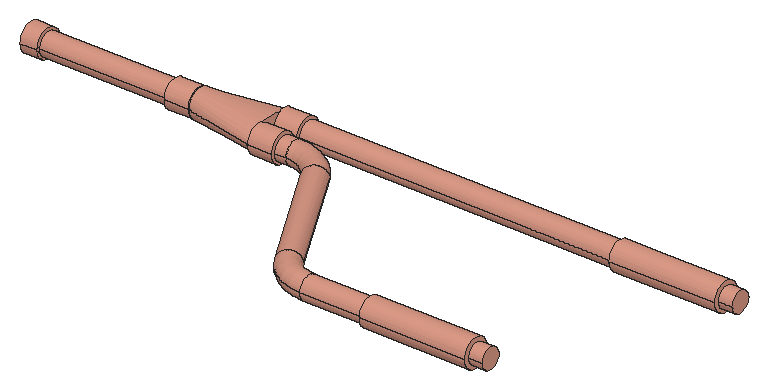
Revit family "outputfile", category 配管付属品, Revit 2024
Family settings
  丸型コネクタ寸法 = 半径を使用
  パーツ タイプ = 標準
  OmniClass 番号 = 23.65.55.00
  OmniClass タイトル = Distribution of Supplied Liquids/Gases
  作業面ベース = いいえ
  常に垂直 = はい
  ロード時にボイドで切り取り = いいえ
  共有 = いいえ
Parameters (values of type "BHRP25A22T")
  Description = ""
  製造元 = "Daikin"
  書き出し IFC クラス(タイプ) = "IfcPipeFittingType"
  定義済み IFC タイプ(タイプ) = "JUNCTION"
  Cost = 0
  Type Comments = ""
  Keynote = ""
  Type Image = (empty or 0)
  Assembly Code = ""
  mm⇔inch [instance] = yes
  l_InletPipe4 = 10.0 mm
  built-in parameter 1114242 [instance] = (empty or 0)
  Default Elevation = 0.0 mm
  モデル = "BHRP25A22T"
  table_StraightPipe [instance] = if(mm⇔inch, "Refnet Joint_BHRP25A-T_Liquid_StraightPipe", "Refnet Joint_BHRP25A-T_Liquid_StraightPipe_inch")  # "Refnet Joint_BHRP25A-T_Liquid_StraightPipe"
  table_BranchPipe [instance] = if(mm⇔inch, "Refnet Joint_BHRP25A-T_Liquid_BranchPipe", "Refnet Joint_BHRP25A-T_Liquid_BranchPipe_inch")  # "Refnet Joint_BHRP25A-T_Liquid_BranchPipe"
  table_Inlet [instance] = if(mm⇔inch, "Refnet Joint_BHRP25A-T_Liquid_Inlet", "Refnet Joint_BHRP25A-T_Liquid_Inlet_inch")  # "Refnet Joint_BHRP25A-T_Liquid_Inlet"
  switch_StraightPipe_Reducer [instance] = if(Is_StraightPipe Reducer = 1, 1 = 1, 1 = 0)  # no
  switch_StraightPipe3 [instance] = if(number_StraightPipe = 3, 1 = 1, 1 = 0)  # no
  switch_StraightPipe2 [instance] = if(number_StraightPipe < 2, 1 = 0, 1 = 1)  # yes
  switch_BranchPipe_Reducer [instance] = if(Is_BranchPipe Reducer = 1, 1 = 1, 1 = 0)  # no
  switch_BranchPipe3 [instance] = if(number_BranchPipe = 3, 1 = 1, 1 = 0)  # no
  switch_BranchPipe2 [instance] = if(number_BranchPipe < 2, 1 = 0, 1 = 1)  # yes
  switch_Inlet pipe_Reducer [instance] = if(Is_Inlet Reducer = 1, 1 = 1, 1 = 0)  # no
  switch_Inlet pipe3 [instance] = if(number_InletPipe = 3, 1 = 1, 1 = 0)  # no
  switch_Inlet pipe2 [instance] = if(number_InletPipe < 2, 1 = 0, 1 = 1)  # no
  Uniclass2015Version = "Products v1.31"
  Uniclass2015Title = "Copper pipe fittings"
  Uniclass2015Code = "Pr_65_52_63_18"
  URL = ""
  StraightPipe_Liquid_ActualDiameter [instance] = 6.4 mm
  Material_Piping = DAIKIN_Copper_Pipe
  Material_Insulation = DAIKIN_White_Insulation
  lw_Insulation [instance] = size_lookup(table_Inlet, "lw_Insulation", 26.0 mm, モデル)  # 26.0 mm
  Unit Type = "BHRP25A-T_Liquid"
  Tag No. [instance] = ""
  StraightPipe_Liquid_Status [instance] = size_lookup(table_StraightPipe, "Information", "The connected pipe size is not available.", モデル, StraightPipe_Liquid_ActualDiameter)  # "Default connector size is used."
  Link_Nested Family [instance] = ""
  Inlet_Liquid_Actual Diameter [instance] = 9.5 mm
  IfcVersion = ""
  IfcExportType = "JUNCTION"
  IfcExportAs = "IfcPipeFittingType"
  BranchPipe_Liquid_Status [instance] = size_lookup(table_BranchPipe, "Information", "The connected pipe size is not available.", モデル, BranchPipe_Liquid_ActualDiameter)  # "Default connector size is used."
  Inlet_Liquid_Status [instance] = size_lookup(table_Inlet, "Information", "The connected pipe size is not available.", モデル, Inlet_Liquid_Actual Diameter)  # "Default connector size is used."
  Series = "Refnet Joint"
  O.R_dividePipe_Inlet [instance] = (I.D_InletPipe1 + 2.0 mm) / 2  # 5.75 mm
  r_StraightPipe_Connector [instance] = StraightPipe_Liquid_ActualDiameter / 2  # 3.2 mm
  r_BranchPipe_Connector [instance] = BranchPipe_Liquid_ActualDiameter / 2  # 3.2 mm
  r_Inlet_Connector [instance] = Inlet_Liquid_Actual Diameter / 2  # 4.75 mm
  number_StraightPipe [instance] = size_lookup(table_StraightPipe, "pipeNumber", 2, モデル, StraightPipe_Liquid_ActualDiameter)  # 2
  number_BranchPipe [instance] = size_lookup(table_BranchPipe, "pipeNumber", 2, モデル, BranchPipe_Liquid_ActualDiameter)  # 2
  number_InletPipe [instance] = size_lookup(table_Inlet, "pipeNumber", 1, モデル, Inlet_Liquid_Actual Diameter)  # 1
  r_BranchPipeR [instance] = size_lookup(table_BranchPipe, "r_offsetPipeR", 18.0 mm, モデル, BranchPipe_Liquid_ActualDiameter)  # 18.0 mm
  l_BranchPipe_Straight2 [instance] = size_lookup(table_BranchPipe, "L_offsetPipe2", 25.5 mm, モデル)  # 25.5 mm
  l_BranchPipe_Straight1 [instance] = size_lookup(table_BranchPipe, "L_offsetPipe1", 5.0 mm, モデル)  # 5.0 mm
  l_BranchPipe connector [instance] = size_lookup(table_BranchPipe, "Length", 150.0 mm, モデル, BranchPipe_Liquid_ActualDiameter)  # 150.0 mm
  l_inlet connector [instance] = size_lookup(table_Inlet, "Length", 70.0 mm, モデル, Inlet_Liquid_Actual Diameter)  # 70.0 mm
  l_dividePipe [instance] = size_lookup(table_Inlet, "L_devidePipe", 30.0 mm, モデル)  # 30.0 mm
  l_StraightPipeReducer [instance] = size_lookup(table_StraightPipe, "L_Reducer", 80.0 mm, モデル, StraightPipe_Liquid_ActualDiameter)  # 80.0 mm
  l_StraightPipe3 [instance] = size_lookup(table_StraightPipe, "L_Pipe3", 2.0 mm, モデル)  # 2.0 mm
  l_StraightPipe2 [instance] = size_lookup(table_StraightPipe, "L_Pipe2", 6.0 mm, モデル)  # 6.0 mm
  l_StraightPipe1 [instance] = size_lookup(table_StraightPipe, "L_Pipe1", 44.0 mm, モデル)  # 44.0 mm
  l_StraightPipe0 [instance] = size_lookup(table_StraightPipe, "L_Pipe0", 130.0 mm, モデル)  # 130.0 mm
  l_StraightPipe connector [instance] = size_lookup(table_StraightPipe, "Length", 190.0 mm, モデル, StraightPipe_Liquid_ActualDiameter)  # 190.0 mm
  l_BranchPipe Reducer [instance] = size_lookup(table_BranchPipe, "L_Reducer", 50.0 mm, モデル, BranchPipe_Liquid_ActualDiameter)  # 50.0 mm
  l_BranchPipe3 [instance] = size_lookup(table_BranchPipe, "L_Pipe3", 2.0 mm, モデル)  # 2.0 mm
  l_BranchPipe2 [instance] = size_lookup(table_BranchPipe, "L_Pipe2", 6.0 mm, モデル)  # 6.0 mm
  l_BranchPipe1 [instance] = size_lookup(table_BranchPipe, "L_Pipe1", 44.0 mm, モデル)  # 44.0 mm
  l_BranchPipe0 [instance] = size_lookup(table_BranchPipe, "L_Pipe0", 90.0 mm, モデル)  # 90.0 mm
  l_InletReducer [instance] = size_lookup(table_Inlet, "L_Reducer", 80.0 mm, モデル, Inlet_Liquid_Actual Diameter)  # 80.0 mm
  l_InletPipe3 [instance] = size_lookup(table_Inlet, "L_Pipe3", 2.0 mm, モデル)  # 2.0 mm
  l_InletPipe2 [instance] = size_lookup(table_Inlet, "L_Pipe2", 2.0 mm, モデル)  # 2.0 mm
  l_InletPipe1 [instance] = size_lookup(table_Inlet, "L_Pipe1", 7.0 mm, モデル)  # 7.0 mm
  l_InletPipe0 [instance] = size_lookup(table_Inlet, "L_Pipe0", 53.0 mm, モデル)  # 53.0 mm
  center_StraightPipe [instance] = size_lookup(table_StraightPipe, "center_Pipe", 6.5 mm, モデル)  # 6.5 mm
  center_BranchPipe2 [instance] = size_lookup(table_BranchPipe, "center_OffsetPipe", 73.5 mm, モデル)  # 73.5 mm
  center_BranchPipe1 [instance] = size_lookup(table_BranchPipe, "center_Pipe", 6.5 mm, モデル)  # 6.5 mm
  StraightPipe_Liquid_AvailableDiameter [instance] = size_lookup(table_StraightPipe, "sizeVariation", "", モデル)  # "6.4/9.5mm"
  BranchPipe_Liquid_AvailableDiameter [instance] = size_lookup(table_BranchPipe, "sizeVariation", "", モデル)  # "6.4/9.5mm"
  Inlet_Liquid_Available Diameter [instance] = size_lookup(table_Inlet, "sizeVariation", "", モデル)  # "9.5mm"
  O.D_StraightPipe Reducer [instance] = size_lookup(table_StraightPipe, "O.D_reducer", 2.0 mm, モデル, StraightPipe_Liquid_ActualDiameter)  # 2.0 mm
  O.D_Offset Outlet Reducer [instance] = size_lookup(table_BranchPipe, "O.D_reducer", 2.0 mm, モデル, BranchPipe_Liquid_ActualDiameter)  # 2.0 mm
  O.D_Inlet Reducer [instance] = size_lookup(table_Inlet, "O.D_reducer", 2.0 mm, モデル, Inlet_Liquid_Actual Diameter)  # 2.0 mm
  Is_StraightPipe Reducer [instance] = size_lookup(table_StraightPipe, "IsReducer", 0, モデル, StraightPipe_Liquid_ActualDiameter)  # 0
  Is_BranchPipe Reducer [instance] = size_lookup(table_BranchPipe, "IsReducer", 0, モデル, BranchPipe_Liquid_ActualDiameter)  # 0
  Is_Inlet Reducer [instance] = size_lookup(table_Inlet, "IsReducer", 0, モデル, Inlet_Liquid_Actual Diameter)  # 0
  BranchPipe_Liquid_ActualDiameter [instance] = 6.4 mm
  Attach_Insulation [instance] = no
  I.D_StraightPipe3 [instance] = size_lookup(table_StraightPipe, "I.D_PipeSize3", 2.0 mm, モデル)  # 2.0 mm
  I.D_StraightPipe2 [instance] = size_lookup(table_StraightPipe, "I.D_PipeSize2", 6.4 mm, モデル)  # 6.4 mm
  I.D_StraightPipe1 [instance] = size_lookup(table_StraightPipe, "I.D_PipeSize1", 9.5 mm, モデル)  # 9.5 mm
  I.D_StraightPipe0 [instance] = size_lookup(table_StraightPipe, "I.D_PipeSize0", 7.5 mm, モデル)  # 7.5 mm
  I.D_BranchPipe3 [instance] = size_lookup(table_BranchPipe, "I.D_PipeSize3", 2.0 mm, モデル)  # 2.0 mm
  I.D_BranchPipe2 [instance] = size_lookup(table_BranchPipe, "I.D_PipeSize2", 6.4 mm, モデル)  # 6.4 mm
  I.D_BranchPipe1 [instance] = size_lookup(table_BranchPipe, "I.D_PipeSize1", 9.5 mm, モデル)  # 9.5 mm
  I.D_BranchPipe0 [instance] = size_lookup(table_BranchPipe, "I.D_PipeSize0", 7.5 mm, モデル)  # 7.5 mm
  I.D_Straight Reducer [instance] = size_lookup(table_StraightPipe, "I.D_reducer", 2.0 mm, モデル, StraightPipe_Liquid_ActualDiameter)  # 2.0 mm
  I.D_OutletPipe [instance] = size_lookup(table_Inlet, "I.D_OutletPipeSize", 9.6 mm, モデル, Inlet_Liquid_Actual Diameter)  # 9.6 mm
  I.D_Branch Reducer [instance] = size_lookup(table_BranchPipe, "I.D_reducer", 2.0 mm, モデル, BranchPipe_Liquid_ActualDiameter)  # 2.0 mm
  I.D_Inlet Reducer [instance] = size_lookup(table_Inlet, "I.D_reducer", 2.0 mm, モデル, Inlet_Liquid_Actual Diameter)  # 2.0 mm
  I.D_InletPipe3 [instance] = size_lookup(table_Inlet, "I.D_PipeSize3", 2.0 mm, モデル)  # 2.0 mm
  I.D_InletPipe2 [instance] = size_lookup(table_Inlet, "I.D_PipeSize2", 2.0 mm, モデル)  # 2.0 mm
  I.D_InletPipe1 [instance] = size_lookup(table_Inlet, "I.D_PipeSize1", 9.5 mm, モデル)  # 9.5 mm
  I.D_InletPipe0 [instance] = size_lookup(table_Inlet, "I.D_PipeSize0", 7.5 mm, モデル)  # 7.5 mm
Reference planes
  plane 1 "Center (Front/Back)": y = 0
  plane 2: z = 0
  plane 3 "base_left": x = 0
  plane 4: x = 2
  plane 5: x = 4
  plane 6: x = 11
  plane 7: x = 64
  plane 8: x = 74
  plane 9: x = 104
  plane 10: x = 114
  plane 11 "center_straight outlet": y = 6.5
  plane 12 "center2_offset outlet": y = -73.5
  plane 13 "center1_offset outlet": y = -6.5
  plane 14: x = 244
  plane 15: x = 288
  plane 16: x = 294
  plane 17: x = 204
  plane 18: x = 248
  plane 19: x = 254
  plane 20: x = 296
  plane 21: x = 256
  plane 22 "Reducer_straightoutlet": x = 254
  plane 23: x = 294
  plane 24: y = -12.25
  plane 25: z = 5.75
  plane 26 "Inlet_connector": x = 4
  plane 27 "Left_Insulation": x = 48
Forms (mm)
  SweptBlend 1, solid, material "DAIKIN_Copper_Pipe" <- "Material_Piping"
    path origin (0, 0, 0) x (1, 0, 0) y (0, 1, 0)
      loop
        line (74, 0) -> (104, 0)
    profile origin (74, 0, 0) x (0, 1, 0) y (0, 0, 1)
      loop
        circle (0, 0) r 5.75
    end profile origin (104, 0, 0) x (0, 1, 0) y (0, 0, 1)
      loop
        spline (-12.25, 0) -> (-11.833, -1.488) -> (-10.609, -2.875) -> (-8.662, -4.066) -> (-6.125, -4.98) -> (-3.171, -5.554) -> (0, -5.75) -> (3.171, -5.554) -> (6.125, -4.98) -> (8.662, -4.066) -> (10.609, -2.875) -> (11.833, -1.488) -> (12.25, 0)
        spline (12.25, 0) -> (11.833, 1.488) -> (10.609, 2.875) -> (8.662, 4.066) -> (6.125, 4.98) -> (3.171, 5.554) -> (0, 5.75) -> (-3.171, 5.554) -> (-6.125, 4.98) -> (-8.662, 4.066) -> (-10.609, 2.875) -> (-11.833, 1.488) -> (-12.25, 0)
Dimensions and locks
  "l_InletPipe3": plane 3 "base_left" to plane 4
  "l_InletPipe2": plane 4 to plane 5
  "l_InletPipe1": plane 5 to plane 6
  "l_InletPipe0": plane 6 to plane 7
  "l_InletPipe4": plane 7 to plane 8
  "center_StraightPipe": plane 1 "Center (Front/Back)" to plane 11 "center_straight outlet"
  "center_BranchPipe2": plane 12 "center2_offset outlet" to plane 1 "Center (Front/Back)"
  "center_BranchPipe1": plane 13 "center1_offset outlet" to plane 1 "Center (Front/Back)"
  "l_dividePipe": plane 8 to plane 9
  plane 9 to plane 10 = 10.0 mm
  "l_StraightPipe0": plane 10 to plane 14
  "l_BranchPipe0": plane 10 to plane 17
  "l_BranchPipe1": plane 17 to plane 18
  "l_BranchPipe2": plane 18 to plane 19
  "l_StraightPipe1": plane 14 to plane 15
  "l_StraightPipe2": plane 15 to plane 16
  "l_StraightPipe3": plane 16 to plane 20
  "l_BranchPipe3": plane 19 to plane 21
  "l_BranchPipe connector": plane 9 to plane 22 "Reducer_straightoutlet"
  "l_StraightPipe connector": plane 9 to plane 23
  "O.R_dividePipe_Inlet": plane 24 to plane 13 "center1_offset outlet"
  "O.R_dividePipe_Inlet": plane 25 to plane 2
  "l_inlet connector": plane 26 "Inlet_connector" to plane 8
  "lw_Insulation": plane 27 "Left_Insulation" to plane 8
  "O.R_dividePipe_Inlet": radius of SweptBlend 1 sketch curve
  aligned and locked: level to plane 2
  aligned and locked: plane 2 to nested 1
  aligned and locked: plane 3 "base_left" to nested 1
  aligned and locked: plane 1 "Center (Front/Back)" to nested 1
  aligned and locked: plane 4 to nested 2
  aligned and locked: plane 1 "Center (Front/Back)" to nested 2
  aligned and locked: plane 5 to nested 2
  aligned and locked: plane 5 to nested 3
  aligned and locked: plane 6 to nested 3
  aligned and locked: plane 6 to nested 4
  aligned and locked: nested 4 to plane 7
  aligned and locked: nested 5 to plane 7
  aligned and locked: nested 5 to plane 8
  aligned and locked: plane 8 to SweptBlend 1 sketch curve
  aligned and locked: plane 9 to SweptBlend 1 sketch curve
  aligned and locked: plane 2 to SweptBlend 1 sketch curve  (x2)
  aligned and locked: plane 1 "Center (Front/Back)" to SweptBlend 1 sketch curve  (x2)
  aligned and locked: nested 6 to plane 9
  aligned and locked: nested 7 to plane 9
  aligned and locked: nested 6 to plane 11 "center_straight outlet"
  aligned and locked: nested 7 to plane 13 "center1_offset outlet"
  aligned and locked: nested 7 to plane 10
  aligned and locked: nested 6 to plane 10
  aligned and locked: nested 8 to plane 10
  aligned and locked: plane 14 to nested 8
  aligned and locked: nested 8 to plane 11 "center_straight outlet"
  aligned and locked: plane 14 to nested 9
  aligned and locked: nested 9 to plane 11 "center_straight outlet"
  aligned and locked: plane 15 to nested 9
  aligned and locked: nested 10 to plane 11 "center_straight outlet"
  aligned and locked: plane 15 to nested 10
  aligned and locked: plane 16 to nested 10
  aligned and locked: nested 11 to plane 12 "center2_offset outlet"
  aligned and locked: plane 17 to nested 11
  aligned and locked: plane 18 to nested 11
  aligned and locked: nested 12 to plane 12 "center2_offset outlet"
  aligned and locked: plane 18 to nested 12
  aligned and locked: plane 19 to nested 12
  aligned and locked: nested 13 to plane 10
  aligned and locked: nested 13 to plane 13 "center1_offset outlet"
  aligned and locked: nested 13 to plane 12 "center2_offset outlet"
  aligned and locked: plane 8 to nested 14
  aligned and locked: plane 1 "Center (Front/Back)" to nested 14
  aligned and locked: plane 11 "center_straight outlet" to nested 15
  aligned and locked: nested 15 to plane 9
  aligned and locked: nested 16 to plane 9
  aligned and locked: plane 12 "center2_offset outlet" to nested 16
  aligned and locked: nested 17 to plane 1 "Center (Front/Back)"
  aligned and locked: plane 16 to nested 18
  aligned and locked: plane 20 to nested 18
  aligned and locked: plane 19 to nested 19
  aligned and locked: plane 21 to nested 19
  aligned and locked: nested 20 to plane 12 "center2_offset outlet"
  aligned and locked: plane 23 to nested 21
  aligned and locked: nested 21 to plane 11 "center_straight outlet"
  aligned and locked: plane 4 to nested 1
  aligned and locked: plane 24 to SweptBlend 1 sketch curve
  aligned and locked: plane 25 to SweptBlend 1 sketch curve
  aligned and locked: nested 19 to plane 12 "center2_offset outlet"
  aligned and locked: nested 18 to plane 11 "center_straight outlet"
  aligned and locked: nested 17 to plane 26 "Inlet_connector"
  aligned and locked: plane 22 "Reducer_straightoutlet" to nested 20
  aligned and locked: plane 27 "Left_Insulation" to nested 22
  aligned and locked: plane 1 "Center (Front/Back)" to nested 22
Automatic sketch dimensions
  plane 1 "Center (Front/Back)" to SweptBlend 1 sketch curve = 0.0 mm
Nested families
  nested 1: "daikin_Pipe" at (1, 0, 0), I.D_Pipe <- "I.D_InletPipe3", display <- "switch_Inlet pipe3", type "*"
    with length_Pipe 2.0 mm, display no, O.D_Pipe 4.0 mm, I.D_Pipe 2.0 mm
  nested 2: "daikin_Pipe" at (3, 0, 0), I.D_Pipe <- "I.D_InletPipe2", display <- "switch_Inlet pipe2", type "*"
    with length_Pipe 2.0 mm, display no, O.D_Pipe 4.0 mm, I.D_Pipe 2.0 mm
  nested 3: "daikin_Pipe" at (7.5, 0, 0), I.D_Pipe <- "I.D_InletPipe1", type "*"
    with length_Pipe 7.0 mm, display yes, O.D_Pipe 11.5 mm, I.D_Pipe 9.5 mm
  nested 4: "daikin_Pipe" at (37.5, 0, 0), I.D_Pipe <- "I.D_InletPipe0", type "*"
    with length_Pipe 53.0 mm, display yes, O.D_Pipe 9.5 mm, I.D_Pipe 7.5 mm
  nested 5: "daikin_Pipe" at (69, 0, 0), I.D_Pipe <- "I.D_InletPipe1", type "*"
    with length_Pipe 10.0 mm, display yes, O.D_Pipe 11.5 mm, I.D_Pipe 9.5 mm
  nested 6: "daikin_Pipe" at (109, 6.5, 0), I.D_Pipe <- "I.D_OutletPipe", type "*"
    with length_Pipe 10.0 mm, display yes, O.D_Pipe 11.6 mm, I.D_Pipe 9.6 mm
  nested 7: "daikin_Pipe" at (109, -6.5, 0), I.D_Pipe <- "I.D_OutletPipe", type "*"
    with length_Pipe 10.0 mm, display yes, O.D_Pipe 11.6 mm, I.D_Pipe 9.6 mm
  nested 8: "daikin_Pipe" at (179, 6.5, 0), I.D_Pipe <- "I.D_StraightPipe0", type "*"
    with length_Pipe 130.0 mm, display yes, O.D_Pipe 9.5 mm, I.D_Pipe 7.5 mm
  nested 9: "daikin_Pipe" at (266, 6.5, 0), I.D_Pipe <- "I.D_StraightPipe1", type "*"
    with length_Pipe 44.0 mm, display yes, O.D_Pipe 11.5 mm, I.D_Pipe 9.5 mm
  nested 10: "daikin_Pipe" at (291, 6.5, 0), I.D_Pipe <- "I.D_StraightPipe2", display <- "switch_StraightPipe2", type "*"
    with length_Pipe 6.0 mm, display yes, O.D_Pipe 8.4 mm, I.D_Pipe 6.4 mm
  nested 11: "daikin_Pipe" at (226, -73.5, 0), I.D_Pipe <- "I.D_BranchPipe1", type "*"
    with length_Pipe 44.0 mm, display yes, O.D_Pipe 11.5 mm, I.D_Pipe 9.5 mm
  nested 12: "daikin_Pipe" at (251, -73.5, 0), I.D_Pipe <- "I.D_BranchPipe2", display <- "switch_BranchPipe2", type "*"
    with length_Pipe 6.0 mm, display yes, O.D_Pipe 8.4 mm, I.D_Pipe 6.4 mm
  nested 13: "daikin_Pipe Ofsset" at (114, -6.5, 0), I.D_Pipe size <- "I.D_BranchPipe0", length_straight pipe1 <- "l_BranchPipe_Straight1", length_straight pipe2 <- "l_BranchPipe_Straight2", r_Pipe R <- "r_BranchPipeR", length_Pipe <- "l_BranchPipe0", type "*"
    with r_Pipe R 18.0 mm, length_straight pipe2 25.5 mm, length_straight pipe1 5.0 mm, length_offset center 67.0 mm, length_Pipe 90.0 mm, O.D_Pipe size 9.5 mm, I.D_Pipe size 7.5 mm
  nested 14: "daikin_connector_rotate2" at (74, 0, 0) x (0, -1, 0) z (0, 0, 1), length <- "l_inlet connector", type "daikin_connector_rotate2"
    with radius 5.0 mm, length 70.0 mm, angle_vertical 90.00°, locaton_mark no
  nested 15: "daikin_connector_rotate2" at (104, 6.5, 0) x (0, 1, 0) z (0, 0, 1), length <- "l_StraightPipe connector", type "daikin_connector_rotate2"
    with radius 5.0 mm, length 190.0 mm, angle_vertical 90.00°, locaton_mark no
  nested 16: "daikin_connector_rotate2" at (104, -73.5, 0) x (0, 1, 0) z (0, 0, 1), length <- "l_BranchPipe connector", type "daikin_connector_rotate2"
    with radius 5.0 mm, length 150.0 mm, angle_vertical 90.00°, locaton_mark no
  nested 17: "daikin_Pipe_reducer" at (44, 0, 0) x (-1, 0, 0) z (0, 0, 1), display <- "switch_Inlet pipe_Reducer", length_Pipe <- "l_InletReducer", I.D_Pipe1 <- "I.D_Inlet Reducer", O.D_Pipe2 <- "O.D_Inlet Reducer", type "*"
    with length_Pipe 80.0 mm, display no, O.D_Pipe2 2.0 mm, O.D_Pipe1 4.0 mm, I.D_Pipe2 0.0 mm, I.D_Pipe1 2.0 mm
  nested 18: "daikin_Pipe" at (295, 6.5, 0), I.D_Pipe <- "I.D_StraightPipe3", display <- "switch_StraightPipe3", type "*"
    with length_Pipe 2.0 mm, display no, O.D_Pipe 4.0 mm, I.D_Pipe 2.0 mm
  nested 19: "daikin_Pipe" at (255, -73.5, 0), I.D_Pipe <- "I.D_BranchPipe3", display <- "switch_BranchPipe3", type "*"
    with length_Pipe 2.0 mm, display no, O.D_Pipe 4.0 mm, I.D_Pipe 2.0 mm
  nested 20: "daikin_Pipe_reducer" at (229, -73.5, 0), I.D_Pipe1 <- "I.D_Branch Reducer", O.D_Pipe2 <- "O.D_Offset Outlet Reducer", length_Pipe <- "l_BranchPipe Reducer", display <- "switch_BranchPipe_Reducer", type "*"
    with length_Pipe 50.0 mm, display no, O.D_Pipe2 2.0 mm, O.D_Pipe1 4.0 mm, I.D_Pipe2 0.0 mm, I.D_Pipe1 2.0 mm
  nested 21: "daikin_Pipe_reducer" at (254, 6.5, 0), I.D_Pipe1 <- "I.D_Straight Reducer", O.D_Pipe2 <- "O.D_StraightPipe Reducer", length_Pipe <- "l_StraightPipeReducer", display <- "switch_StraightPipe_Reducer", type "*"
    with length_Pipe 80.0 mm, display no, O.D_Pipe2 2.0 mm, O.D_Pipe1 4.0 mm, I.D_Pipe2 0.0 mm, I.D_Pipe1 2.0 mm
  nested 22: "daikin_Insulation_RefnetJoint" at (48, 0, 0), I.D_Outlet PipeSize <- "I.D_OutletPipe", type "*"
    with h 41.6 mm, I.D_Outlet PipeSize 9.6 mm, display no
Connectors
  piping at (4, 0, 0), diameter 9.5, driven by "r_Inlet_Connector"
    settings: on nested 14, index 1, connector inside diameter 609.6 mm, connector length 0.0 mm, flow factor 0, pipe flow 0.00 m³/h, pressure drop 0.0 Pa, fitting loss kfactor 0, connector angle 0.00°, fixture units 0, engagement length 0.0 mm, angle of deflection 0.00°, flow configuration 0, flow direction 1, fitting loss method 0, system type 29, joint type 0, gender type 0, connector reference index -1, connector utility 0, adjustable connector no, is connector primary yes, connector description "Refnet Joint_Inlet_Liquid"
  piping at (254, -73.5, 0), diameter 6.4, driven by "r_BranchPipe_Connector"
    settings: on nested 16, index 2, connector inside diameter 609.6 mm, connector length 0.0 mm, flow factor 0, pipe flow 0.00 m³/h, pressure drop 0.0 Pa, fitting loss kfactor 0, connector angle 0.00°, fixture units 0, engagement length 0.0 mm, angle of deflection 0.00°, flow configuration 0, flow direction 2, fitting loss method 0, system type 29, joint type 0, gender type 0, connector reference index -1, connector utility 0, adjustable connector no, is connector primary no, connector description "Refnet Joint_Outlet Branch_Liquid"
  piping at (294, 6.5, 0), diameter 6.4, driven by "r_StraightPipe_Connector"
    settings: on nested 15, index 3, connector inside diameter 609.6 mm, connector length 0.0 mm, flow factor 0, pipe flow 0.00 m³/h, pressure drop 0.0 Pa, fitting loss kfactor 0, connector angle 0.00°, fixture units 0, engagement length 0.0 mm, angle of deflection 0.00°, flow configuration 0, flow direction 2, fitting loss method 0, system type 29, joint type 0, gender type 0, connector reference index -1, connector utility 0, adjustable connector no, is connector primary no, connector description "Refnet Joint_Outlet Straight_Liquid"
Definition of nested family "daikin_Pipe"
  Parameters (values of type "*")
    Default Elevation = 0.0 mm
    material = none
    length_Pipe [instance] = 150.0 mm
    display [instance] = yes
    O.D_Pipe [instance] = I.D_Pipe + 2.0 mm  # 27.0 mm
    I.D_Pipe [instance] = 25.0 mm
  Reference planes
    plane 1 "Center (Front/Back)": y = 0
    plane 2 "center(vertical)": z = 0
    plane 3 "Center (Left/Right)": x = 0
    plane 4 "left": x = -75
    plane 5 "right": x = 75
  Forms (mm)
    Extrusion 1, solid, material <- "material", visible <- "display"
      sketch origin (0, 0, 0) x (0, 1, 0) y (0, 0, 1)
        loop
          circle (0, 0) r 13.5
      from -75 to 75
  Dimensions and locks
    equal spacing: plane 4 "left", plane 3 "Center (Left/Right)", plane 5 "right"
    "length_Pipe": plane 4 "left" to plane 5 "right"
    "O.D_Pipe": diameter of Extrusion 1 sketch curve
    aligned and locked: level to plane 2 "center(vertical)"
    aligned and locked: plane 2 "center(vertical)" to Extrusion 1 sketch curve
    aligned and locked: plane 1 "Center (Front/Back)" to Extrusion 1 sketch curve
    aligned and locked: plane 5 "right" to Extrusion 1
    aligned and locked: Extrusion 1 to plane 4 "left"
Definition of nested family "daikin_Pipe Ofsset"
  Parameters (values of type "*")
    Default Elevation = 0.0 mm
    r_Pipe R [instance] = 18.0 mm
    material = none
    length_straight pipe2 [instance] = 25.5 mm
    length_straight pipe1 [instance] = 5.0 mm
    length_offset center [instance] = 67.5 mm
    length_Pipe [instance] = 90.0 mm
    O.D_Pipe size [instance] = I.D_Pipe size + 2.0 mm  # 12.0 mm
    I.D_Pipe size [instance] = 10.0 mm
  Reference planes
    plane 1 "Center (Front/Back)": y = 0
    plane 2: z = 0
    plane 3 "Center (Left/Right)": x = 0
    plane 4: y = -67.5
    plane 5: x = 90
    plane 6: x = 64.5
    plane 7: x = 5
  Forms (mm)
    Sweep 1, solid, material <- "material"
      path origin (0, 0, 0) x (1, 0, 0) y (0, 1, 0)
        loop
          line (0, 0) -> (5, 0)
          arc (5, 0) -> (14.03, -2.429) -> (20.623, -9.061) r 18
          line (20.623, -9.061) -> (48.877, -58.439)
          arc (48.877, -58.439) -> (55.47, -65.071) -> (64.5, -67.5) r 18
          line (64.5, -67.5) -> (90, -67.5)
      profile origin (2.5, 0, 0) x (0, 1, 0) y (0, 0, 1)
        loop
          circle (0, 0) r 6
  Dimensions and locks
    "length_offset center": plane 4 to plane 1 "Center (Front/Back)"
    "length_straight pipe1": plane 3 "Center (Left/Right)" to plane 7
    "length_Pipe": plane 3 "Center (Left/Right)" to plane 5
    "length_straight pipe2": plane 6 to plane 5
    "O.D_Pipe size": diameter of Sweep 1 sketch curve
    "r_Pipe R": radius of Sweep 1 sketch curve  (x2)
    aligned and locked: level to plane 2
    aligned and locked: plane 1 "Center (Front/Back)" to Sweep 1 sketch curve
    aligned and locked: profile plane to Sweep 1 sketch curve
    aligned and locked: plane 5 to Sweep 1 sketch curve
    aligned and locked: plane 7 to Sweep 1 sketch curve
    aligned and locked: plane 6 to Sweep 1 sketch curve
  Automatic sketch dimensions
    plane 1 "Center (Front/Back)" to Sweep 1 sketch curve = 0.0 mm
    Sweep 1 sketch curve to plane 3 "Center (Left/Right)" = 0.0 mm
    plane 4 to Sweep 1 sketch curve = 0.0 mm
Definition of nested family "daikin_connector_rotate2"
  Parameters (values of type "daikin_connector_rotate2")
    show_face = no
    radius [instance] = 10.0 mm
    locaton_mark = yes
    length [instance] = 600.0 mm
    d_surface = 10.0 mm
    angle_vertical [instance] = 90.00°
    Default Elevation = 0.0 mm
  Reference planes
    plane 1 "Center (Front/Back)": y = 0
    plane 2: z = 0
    plane 3 "Center (Left/Right)": x = 0
  Forms (mm)
    Extrusion 1, solid, visible <- "show_face"
      sketch origin (0, -600, 0) x (1, 0, 0) y (0, 0, 1)
        loop
          circle (0, 0) r 10
      from 0 to -10
  Lines and regions (mm)
    reference lines
      curve 1: line (0, 0, 0) -> (0, -600, 0)
    symbolic lines, visible <- "locaton_mark"
      curve 2: circle (0, 0, 0) r 5 normal (0, 0, 1)
    model lines, visible <- "show_face"
      curve 3: line (0, 0, 0) -> (0, -600, 0)
  Dimensions and locks
    "length": curve 1 to curve 1
    "length": curve 3 to curve 3
    "d_surface": Extrusion 1 to Extrusion 1
    "radius": radius of Extrusion 1 sketch curve
    "angle_vertical": angle curve 1 to plane 1 "Center (Front/Back)"
    "angle_vertical": angle curve 3 to plane 1 "Center (Front/Back)"
    aligned and locked: level to plane 2
    aligned and locked: plane 1 "Center (Front/Back)" to curve 1
    aligned and locked: plane 2 to curve 1
    aligned and locked: plane 1 "Center (Front/Back)" to curve 2
    aligned and locked: plane 3 "Center (Left/Right)" to curve 2
    aligned and locked: plane 1 "Center (Front/Back)" to curve 3
    aligned and locked: plane 2 to curve 3
    aligned and locked: Extrusion 1 to Extrusion 1
  Automatic sketch dimensions
    Extrusion 1 sketch curve to level = 0.0 mm
    Extrusion 1 sketch curve to plane 3 "Center (Left/Right)" = 0.0 mm
    radius of curve 2 = 5.0 mm
Definition of nested family "daikin_Pipe_reducer"
  Parameters (values of type "*")
    Default Elevation = 0.0 mm
    material = none
    length_Pipe [instance] = 250.0 mm
    display [instance] = yes
    O.D_Pipe2 [instance] = 19.1 mm
    O.D_Pipe1 [instance] = I.D_Pipe1 + 2.0 mm  # 24.2 mm
    I.D_Pipe2 [instance] = O.D_Pipe2 - 2.0 mm  # 17.1 mm
    I.D_Pipe1 [instance] = 22.2 mm
  Reference planes
    plane 1 "Center (Front/Back)": y = 0
    plane 2 "center(vertical)": z = 0
    plane 3 "Center (Left/Right)": x = 0
    plane 4 "connection": x = -125
    plane 5 "right": x = 113
    plane 6: x = 125
  Forms (mm)
    Extrusion 1, solid, material <- "material", visible <- "display"
      sketch origin (0, 0, 0) x (0, 1, 0) y (0, 0, 1)
        loop
          circle (0, 0) r 9.55
      from -125 to 113
    Extrusion 2, solid, material <- "material", visible <- "display"
      sketch origin (0, 0, 0) x (0, 1, 0) y (0, 0, 1)
        loop
          circle (0, 0) r 12.1
      from 113 to 125
  Dimensions and locks
    locked: plane 5 "right" to plane 6 at 12
    "length_Pipe": plane 4 "connection" to plane 6
    equal spacing: plane 4 "connection", plane 3 "Center (Left/Right)", plane 6
    "O.D_Pipe2": diameter of Extrusion 1 sketch curve
    "O.D_Pipe1": diameter of Extrusion 2 sketch curve
    aligned and locked: level to plane 2 "center(vertical)"
    aligned and locked: plane 2 "center(vertical)" to Extrusion 1 sketch curve
    aligned and locked: plane 1 "Center (Front/Back)" to Extrusion 1 sketch curve
    aligned and locked: plane 5 "right" to Extrusion 1
    aligned and locked: Extrusion 1 to plane 4 "connection"
    aligned and locked: plane 2 "center(vertical)" to Extrusion 2 sketch curve
    aligned and locked: plane 1 "Center (Front/Back)" to Extrusion 2 sketch curve
    aligned and locked: Extrusion 2 to plane 5 "right"
    aligned and locked: plane 6 to Extrusion 2
Definition of nested family "daikin_Insulation_RefnetJoint"
  Parameters (values of type "*")
    d_Insulation3_3 = size_lookup(table_Insulation, "d_Insulation3_3", 131.5 mm, Model)  # 64.0 mm
    d_Insulation2_2 = size_lookup(table_Insulation, "d_Insulation2_2", 79.0 mm, Model)  # 30.0 mm
    d_Insulation1_1 = size_lookup(table_Insulation, "d_Insulation1_1", 56.0 mm, Model)  # 22.0 mm
    Default Elevation = 0.0 mm
    Model = "BHRP25A22T"
    w_Insulation5 = size_lookup(table_Insulation, "w_Insulation5", 212.0 mm, Model)  # 153.0 mm
    w_Insulation4 = size_lookup(table_Insulation, "w_Insulation4", 67.0 mm, Model)  # 48.6 mm
    w_Insulation3 = size_lookup(table_Insulation, "w_Insulation3", 34.7 mm, Model)  # 31.7 mm
    w_Insulation2 = size_lookup(table_Insulation, "w_Insulation2", 80.0 mm, Model)  # 35.4 mm
    w_Insulation1 = size_lookup(table_Insulation, "w_Insulation1", 22.0 mm, Model)  # 1.0 mm
    table_Insulation = "Refnet Joint_BHRP25A-T_Liquid_Insulation"  # constant formula
    material = none
    h [instance] = (I.D_Outlet PipeSize + 2.0 mm) + 30.0 mm  # 47.0 mm
    display = yes
    d_Insulation3 = size_lookup(table_Insulation, "d_Insulation3", 131.5 mm, Model)  # 63.0 mm
    d_Insulation2 = size_lookup(table_Insulation, "d_Insulation2", 79.0 mm, Model)  # 32.0 mm
    d_Insulation1 = size_lookup(table_Insulation, "d_Insulation1", 56.0 mm, Model)  # 24.0 mm
    I.D_Outlet PipeSize [instance] = 15.0 mm
  Reference planes
    plane 1 "Center (Front/Back)": y = 0
    plane 2: z = 0
    plane 3 "Left": x = 0
    plane 4 "top": z = 23.5
    plane 5 "bottom": z = -23.5
    plane 6: x = 1
    plane 7: x = 35.4
    plane 8: y = 22
    plane 9: y = -24
    plane 10: y = 30
    plane 11: y = -32
    plane 12: y = -97
    plane 13: x = 153
    plane 14: y = -34
    plane 15: x = 67.1
    plane 16: x = 104.4
  Forms (mm)
    Extrusion 1, solid, material <- "material", visible <- "display"
      sketch origin (-21, 0, 0) x (1, 0, 0) y (0, 1, 0)
        loop
          line (22, 22) -> (21, 22) -> (21, -24) -> (22, -24) -> (56.4, -32) -> (88.1, -32) -> (125.4, -97) -> (174, -97) -> (174, -51) -> (164.5, -51)
          arc (164.5, -51) -> (147.5, -34) -> (164.5, -17) r 17
          line (164.5, -17) -> (174, -17) -> (174, 30) -> (56.4, 30) -> (22, 22)
      from -23.5 to 23.5
  Dimensions and locks
    equal spacing: plane 4 "top", plane 2, plane 5 "bottom"
    "h": plane 4 "top" to plane 5 "bottom"
    "w_Insulation1": plane 3 "Left" to plane 6
    "w_Insulation2": plane 3 "Left" to plane 7
    "w_Insulation5": plane 3 "Left" to plane 13
    "w_Insulation3": plane 7 to plane 15
    "w_Insulation4": plane 16 to plane 13
    "d_Insulation1": plane 1 "Center (Front/Back)" to plane 9
    "d_Insulation1_1": plane 8 to plane 1 "Center (Front/Back)"
    "d_Insulation2": plane 1 "Center (Front/Back)" to plane 11
    "d_Insulation2_2": plane 10 to plane 1 "Center (Front/Back)"
    "d_Insulation3_3": plane 10 to plane 14
    "d_Insulation3": plane 14 to plane 12
    Extrusion 1 sketch curve to plane 14 to Extrusion 1 sketch curve = 17.0 mm locked, 17.0 mm locked
    aligned and locked: level to plane 2
    aligned and locked: Extrusion 1 to plane 5 "bottom"
    aligned and locked: plane 4 "top" to Extrusion 1
    aligned and locked: plane 6 to Extrusion 1  (x2)
    aligned and locked: plane 7 to Extrusion 1  (x2)
    aligned and locked: plane 6 to Extrusion 1 sketch curve
    aligned and locked: Extrusion 1 sketch curve to plane 11
    aligned and locked: plane 7 to Extrusion 1 sketch curve  (x2)
    aligned and locked: Extrusion 1 sketch curve to plane 10
    aligned and locked: Extrusion 1 sketch curve to plane 12
    aligned and locked: Extrusion 1 sketch curve to plane 13  (x2)
    aligned and locked: plane 16 to Extrusion 1 sketch curve
    aligned and locked: plane 15 to Extrusion 1 sketch curve
  Automatic sketch dimensions
    Extrusion 1 sketch curve to plane 3 "Left" = 0.0 mm
    Extrusion 1 sketch curve to plane 6 = 0.0 mm
    Extrusion 1 sketch curve to plane 9 = 0.0 mm
    Extrusion 1 sketch curve to plane 8 = 0.0 mm
    Extrusion 1 sketch curve to plane 13 = 9.5 mm
